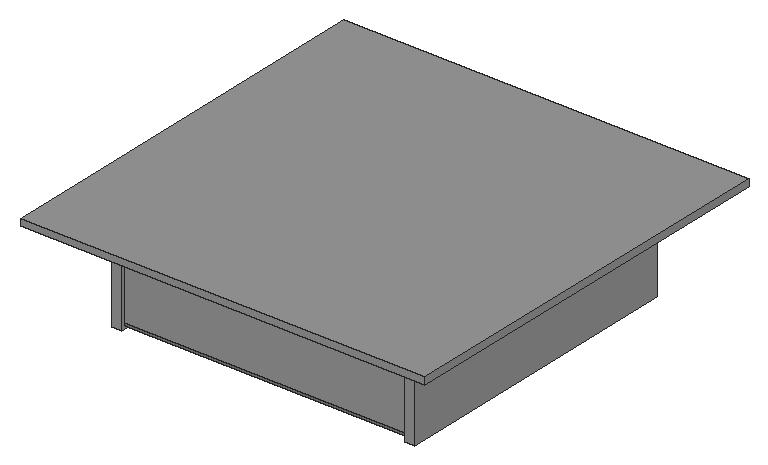
Revit family "Berica 2.0 M", category Lighting Fixtures, Revit 2020 (continued)
Definition of nested family "Light Source Berica 2.0"
  Types (4, lengths in mm): name | Photometric Web File | built-in parameter 1150142
    diffuse | "BERICA 2.0 D [3000K 8W 230Vac].IES" | "IESNA:LM-63-2002\r\n[TEST] 20201109-1427\r\n[TESTLAB] L&L\r\n[TESTDATE] 9 Nov 2020\r\n[ISSUEDATE] 9 Nov 2020\r\n[MANUFAC] L&L\r\n[LUMCAT] BERICA 2.0 D [3000K 8W 230Vac]\r\n[LUMINAIRE] BERICA 2.0 D [3000K 8W 230Vac]\r\n[FLASHAREA] 0.000363\r\n[LAMPCAT] Midpower LED\r\n[LAMP] Midpower LED\r\nTILT=NONE\r\n16 41.25 1.0 181 73 1 2 0.020 0.075 0.000\r\n1.00 1.00 8.00\r\n0.00 1.00 2.00 3.00 4.00 5.00 6.00 7.00 8.00 9.00 10.00 \r\n11.00 12.00 13.00 14.00 15.00 16.00 17.00 18.00 19.00 \r\n20.00 21.00 22.00 23.00 24.00 25.00 26.00 27.00 28.00 \r\n29.00 30.00 31.00 32.00 33.00 34.00 35.00 36.00 37.00 \r\n38.00 39.00 40.00 41.00 42.00 43.00 44.00 45.00 46.00 \r\n47.00 48.00 49.00 50.00 51.00 52.00 53.00 54.00 55.00 \r\n56.00 57.00 58.00 59.00 60.00 61.00 62.00 63.00 64.00 \r\n65.00 66.00 67.00 68.00 69.00 70.00 71.00 72.00 73.00 \r\n74.00 75.00 76.00 77.00 78.00 79.00 80.00 81.00 82.00 \r\n83.00 84.00 85.00 86.00 87.00 88.00 89.00 90.00 91.00 \r\n92.00 93.00 94.00 95.00 96.00 97.00 98.00 99.00 100.00 \r\n101.00 102.00 103.00 104.00 105.00 106.00 107.00 108.00 \r\n109.00 110.00 111.00 112.00 113.00 114.00 115.00 116.00 \r\n117.00 118.00 119.00 120.00 121.00 122.00 123.00 124.00 \r\n125.00 126.00 127.00 128.00 129.00 130.00 131.00 132.00 \r\n133.00 134.00 135.00 136.00 137.00 138.00 139.00 140.00 \r\n141.00 142.00 143.00 144.00 145.00 146.00 147.00 148.00 \r\n149.00 150.00 151.00 152.00 153.00 154.00 155.00 156.00 \r\n157.00 158.00 159.00 160.00 161.00 162.00 163.00 164.00 \r\n165.00 166.00 167.00 168.00 169.00 170.00 171.00 172.00 \r\n173.00 174.00 175.00 176.00 177.00 178.00 179.00 180.00 \r\n0.00 5.00 10.00 15.00 20.00 25.00 30.00 35.00 40.00 45.00 \r\n50.00 55.00 60.00 65.00 70.00 75.00 80.00 85.00 90.00 \r\n95.00 100.00 105.00 110.00 115.00 120.00 125.00 130.00 \r\n135.00 140.00 145.00 150.00 155.00 160.00 165.00 170.00 \r\n175.00 180.00 185.00 190.00 195.00 200.00 205.00 210.00 \r\n215.00 220.00 225.00 230.00 235.00 240.00 245.00 250.00 \r\n255.00 260.00 265.00 270.00 275.00 280.00 285.00 290.00 \r\n295.00 300.00 305.00 310.00 315.00 320.00 325.00 330.00 \r\n335.00 340.00 345.00 350.00 355.00 360.00 \r\n116.69 116.69 116.73 116.65 116.53 116.31 116.02 115.68 \r\n115.39 115.13 114.82 114.43 114.05 113.55 113.00 112.45 \r\n111.98 111.38 110.74 110.03 109.15 108.27 107.39 106.63 \r\n105.60 104.64 103.50 102.38 101.19 99.98 98.78 97.44 \r\n96.08 94.67 93.38 91.80 90.25 88.56 86.85 85.06 83.34 \r\n81.37 79.59 77.55 75.54 73.33 71.26 69.10 66.87 64.69 \r\n62.41 60.11 57.62 55.31 52.93 50.84 48.40 46.14 43.94 \r\n41.75 39.51 37.39 35.27 33.32 31.17 29.44 27.70 25.86 \r\n24.16 22.45 20.82 19.26 17.79 16.32 15.08 13.67 12.46 \r\n11.15 10.09 8.85 7.88 6.82 5.91 4.97 4.09 3.26 2.46 1.71 \r\n1.08 0.60 0.46 0.60 1.08 1.71 2.46 3.26 4.09 4.97 5.91 \r\n6.82 7.88 8.85 10.09 11.15 12.46 13.67 15.08 16.32 17.79 \r\n19.26 20.82 22.45 24.16 25.86 27.70 29.44 31.17 33.32 \r\n35.27 37.39 39.51 41.75 43.94 46.14 48.40 50.84 52.93 \r\n55.31 57.62 60.11 62.41 64.69 66.87 69.10 71.26 73.33 \r\n75.54 77.55 79.59 81.37 83.34 85.06 86.85 88.56 90.25 \r\n91.80 93.38 94.67 96.08 97.44 98.78 99.98 101.19 102.38 \r\n103.50 104.64 105.60 106.63 107.39 108.27 109.15 110.03 \r\n110.74 111.38 111.98 112.45 113.00 113.55 114.05 114.43 \r\n114.82 115.13 115.39 115.68 116.02 116.31 116.53 116.65 \r\n116.73 116.69 116.69 \r\n116.69 116.66 116.67 116.58 116.39 116.20 115.88 115.61 \r\n115.32 115.03 114.72 114.36 113.94 113.44 113.01 112.46 \r\n111.93 111.35 110.73 109.99 109.18 108.38 107.61 106.70 \r\n105.74 104.75 103.71 102.69 101.42 100.23 99.17 97.92 \r\n96.61 95.33 93.94 92.50 91.00 89.41 87.85 86.00 84.34 \r\n82.67 80.79 78.86 76.99 74.79 72.89 70.75 68.72 66.50 \r\n64.25 61.99 59.94 57.56 55.48 53.20 50.95 48.87 46.48 \r\n44.52 42.41 40.28 38.19 36.31 34.18 32.53 30.54 28.86 \r\n27.07 25.33 23.76 22.25 20.75 19.32 17.95 16.53 15.29 \r\n13.89 12.75 11.60 10.51 9.38 8.41 7.40 6.51 5.59 4.72 \r\n3.94 3.22 2.73 2.56 2.73 3.22 3.94 4.72 5.59 6.51 7.40 \r\n8.41 9.38 10.51 11.60 12.75 13.89 15.29 16.53 17.95 19.32 \r\n20.75 22.25 23.76 25.33 27.07 28.86 30.54 32.53 34.18 \r\n36.31 38.19 40.28 42.41 44.52 46.48 48.87 50.95 53.20 \r\n55.48 57.56 59.94 61.99 64.25 66.50 68.72 70.75 72.89 \r\n74.79 76.99 78.86 80.79 82.67 84.34 86.00 87.85 89.41 \r\n91.00 92.50 93.94 95.33 96.61 97.92 99.17 100.23 101.42 \r\n102.69 103.71 104.75 105.74 106.70 107.61 108.38 109.18 \r\n109.99 110.73 111.35 111.93 112.46 113.01 113.44 113.94 \r\n114.36 114.72 115.03 115.32 115.61 115.88 116.20 116.39 \r\n116.58 116.67 116.66 116.69 \r\n116.69 116.66 116.67 116.64 116.48 116.23 115.94 115.67 \r\n115.40 115.14 114.89 114.58 114.14 113.78 113.28 112.79 \r\n112.23 111.74 111.14 110.51 109.78 109.08 108.32 107.50 \r\n106.67 105.77 104.81 103.71 102.76 101.53 100.66 99.46 \r\n98.31 97.11 95.83 94.45 93.18 91.80 90.23 88.72 86.98 \r\n85.56 83.71 82.03 80.19 78.39 76.56 74.84 72.70 70.91 \r\n68.78 66.76 64.74 62.66 60.62 58.59 56.56 54.33 52.26 \r\n50.11 48.19 45.90 43.96 41.89 39.93 37.99 36.25 34.27 \r\n32.46 30.60 28.84 27.26 25.54 24.10 22.52 21.00 19.49 \r\n18.15 16.69 15.50 14.06 13.01 11.89 10.87 9.87 8.98 8.09 \r\n7.29 6.60 6.10 5.98 6.10 6.60 7.29 8.09 8.98 9.87 10.87 \r\n11.89 13.01 14.06 15.50 16.69 18.15 19.49 21.00 22.52 \r\n24.10 25.54 27.26 28.84 30.60 32.46 34.27 36.25 37.99 \r\n39.93 41.89 43.96 45.90 48.19 50.11 52.26 54.33 56.56 \r\n58.59 60.62 62.66 64.74 66.76 68.78 70.91 72.70 74.84 \r\n76.56 78.39 80.19 82.03 83.71 85.56 86.98 88.72 90.23 \r\n91.80 93.18 94.45 95.83 97.11 98.31 99.46 100.66 101.53 \r\n102.76 103.71 104.81 105.77 106.67 107.50 108.32 109.08 \r\n109.78 110.51 111.14 111.74 112.23 112.79 113.28 113.78 \r\n114.14 114.58 114.89 115.14 115.40 115.67 115.94 116.23 \r\n116.48 116.64 116.67 116.66 116.69 \r\n116.69 116.65 116.64 116.56 116.47 116.21 115.95 115.75 \r\n115.52 115.33 115.05 114.83 114.52 114.16 113.67 113.29 \r\n112.91 112.45 111.98 111.42 110.84 110.12 109.43 108.73 \r\n107.98 107.18 106.36 105.50 104.50 103.53 102.78 101.87 \r\n100.88 99.79 98.73 97.75 96.53 95.42 94.14 92.87 91.55 \r\n90.14 88.72 87.37 85.91 84.40 83.03 81.28 79.82 78.07 \r\n76.35 74.53 72.79 70.81 69.01 66.97 65.10 63.05 61.00 \r\n58.85 56.75 54.69 52.47 50.21 47.97 45.84 43.71 41.62 \r\n39.53 37.45 35.32 33.35 31.45 29.48 27.61 25.75 24.11 \r\n22.33 20.83 19.29 18.00 16.71 15.53 14.47 13.51 12.56 \r\n11.81 11.04 10.42 10.03 9.85 10.03 10.42 11.04 11.81 \r\n12.56 13.51 14.47 15.53 16.71 18.00 19.29 20.83 22.33 \r\n24.11 25.75 27.61 29.48 31.45 33.35 35.32 37.45 39.53 \r\n41.62 43.71 45.84 47.97 50.21 52.47 54.69 56.75 58.85 \r\n61.00 63.05 65.10 66.97 69.01 70.81 72.79 74.53 76.35 \r\n78.07 79.82 81.28 83.03 84.40 85.91 87.37 88.72 90.14 \r\n91.55 92.87 94.14 95.42 96.53 97.75 98.73 99.79 100.88 \r\n101.87 102.78 103.53 104.50 105.50 106.36 107.18 107.98 \r\n108.73 109.43 110.12 110.84 111.42 111.98 112.45 112.91 \r\n113.29 113.67 114.16 114.52 114.83 115.05 115.33 115.52 \r\n115.75 115.95 116.21 116.47 116.56 116.64 116.65 116.69 \r\n116.69 116.66 116.70 116.67 116.53 116.33 116.12 115.97 \r\n115.82 115.69 115.49 115.31 115.06 114.76 114.42 114.07 \r\n113.80 113.46 113.03 112.59 112.06 111.48 110.97 110.35 \r\n109.78 109.24 108.56 107.95 107.15 106.45 106.00 105.20 \r\n104.51 103.72 102.96 102.20 101.39 100.52 99.67 98.69 \r\n97.77 96.80 95.79 94.82 93.84 92.67 91.59 90.36 89.06 \r\n87.70 86.18 84.74 83.05 81.25 79.41 77.49 75.42 73.45 \r\n71.13 68.91 66.48 63.92 61.53 58.94 56.38 53.86 51.19 \r\n48.71 46.15 43.52 41.05 38.55 36.27 34.06 31.87 29.86 \r\n27.94 26.00 24.38 22.76 21.40 20.10 19.03 18.05 17.19 \r\n16.35 15.57 14.95 14.39 13.99 13.88 13.99 14.39 14.95 \r\n15.57 16.35 17.19 18.05 19.03 20.10 21.40 22.76 24.38 \r\n26.00 27.94 29.86 31.87 34.06 36.27 38.55 41.05 43.52 \r\n46.15 48.71 51.19 53.86 56.38 58.94 61.53 63.92 66.48 \r\n68.91 71.13 73.45 75.42 77.49 79.41 81.25 83.05 84.74 \r\n86.18 87.70 89.06 90.36 91.59 92.67 93.84 94.82 95.79 \r\n96.80 97.77 98.69 99.67 100.52 101.39 102.20 102.96 \r\n103.72 104.51 105.20 106.00 106.45 107.15 107.95 108.56 \r\n109.24 109.78 110.35 110.97 111.48 112.06 112.59 113.03 \r\n113.46 113.80 114.07 114.42 114.76 115.06 115.31 115.49 \r\n115.69 115.82 115.97 116.12 116.33 116.53 116.67 116.70 \r\n116.66 116.69 \r\n116.69 116.65 116.63 116.60 116.50 116.38 116.22 116.12 \r\n115.99 115.95 115.88 115.73 115.54 115.34 115.07 114.89 \r\n114.73 114.46 114.19 113.88 113.51 113.19 112.88 112.51 \r\n112.15 111.75 111.33 110.97 110.50 110.05 109.93 109.52 \r\n109.11 108.73 108.27 107.86 107.41 106.98 106.51 106.00 \r\n105.56 104.99 104.38 103.74 102.97 102.23 101.45 100.50 \r\n99.42 98.16 96.75 95.22 93.56 91.69 89.86 87.55 85.28 \r\n82.73 80.13 77.50 74.44 71.51 68.47 65.24 62.30 59.42 \r\n56.20 53.21 50.21 47.49 44.55 42.01 39.38 37.07 34.78 \r\n32.68 30.77 28.87 27.21 25.94 24.64 23.47 22.50 21.59 \r\n20.92 20.13 19.46 18.85 18.35 17.95 17.80 17.95 18.35 \r\n18.85 19.46 20.13 20.92 21.59 22.50 23.47 24.64 25.94 \r\n27.21 28.87 30.77 32.68 34.78 37.07 39.38 42.01 44.55 \r\n47.49 50.21 53.21 56.20 59.42 62.30 65.24 68.47 71.51 \r\n74.44 77.50 80.13 82.73 85.28 87.55 89.86 91.69 93.56 \r\n95.22 96.75 98.16 99.42 100.50 101.45 102.23 102.97 \r\n103.74 104.38 104.99 105.56 106.00 106.51 106.98 107.41 \r\n107.86 108.27 108.73 109.11 109.52 109.93 110.05 110.50 \r\n110.97 111.33 111.75 112.15 112.51 112.88 113.19 113.51 \r\n113.88 114.19 114.46 114.73 114.89 115.07 115.34 115.54 \r\n115.73 115.88 115.95 115.99 116.12 116.22 116.38 116.50 \r\n116.60 116.63 116.65 116.69 \r\n116.69 116.70 116.70 116.68 116.64 116.53 116.44 116.40 \r\n116.41 116.38 116.35 116.27 116.20 116.10 115.99 115.94 \r\n115.85 115.72 115.63 115.47 115.36 115.24 115.15 114.97 \r\n114.81 114.74 114.70 114.69 114.62 114.55 114.78 114.73 \r\n114.67 114.66 114.66 114.55 114.46 114.34 114.23 114.07 \r\n113.85 113.62 113.35 112.94 112.41 111.80 111.05 110.13 \r\n109.00 107.86 106.29 104.60 102.55 100.43 97.90 95.03 \r\n92.20 89.24 85.87 82.40 78.98 75.49 72.03 68.54 64.98 \r\n61.53 58.31 54.99 52.05 49.04 46.25 43.52 41.14 38.61 \r\n36.49 34.74 33.01 31.39 30.04 28.76 27.71 26.72 25.89 \r\n25.10 24.38 23.77 23.12 22.62 22.08 21.70 21.50 21.70 \r\n22.08 22.62 23.12 23.77 24.38 25.10 25.89 26.72 27.71 \r\n28.76 30.04 31.39 33.01 34.74 36.49 38.61 41.14 43.52 \r\n46.25 49.04 52.05 54.99 58.31 61.53 64.98 68.54 72.03 \r\n75.49 78.98 82.40 85.87 89.24 92.20 95.03 97.90 100.43 \r\n102.55 104.60 106.29 107.86 109.00 110.13 111.05 111.80 \r\n112.41 112.94 113.35 113.62 113.85 114.07 114.23 114.34 \r\n114.46 114.55 114.66 114.66 114.67 114.73 114.78 114.55 \r\n114.62 114.69 114.70 114.74 114.81 114.97 115.15 115.24 \r\n115.36 115.47 115.63 115.72 115.85 115.94 115.99 116.10 \r\n116.20 116.27 116.35 116.38 116.41 116.40 116.44 116.53 \r\n116.64 116.68 116.70 116.70 116.69 \r\n116.69 116.67 116.64 116.65 116.64 116.60 116.58 116.63 \r\n116.62 116.66 116.70 116.75 116.83 116.83 116.89 116.98 \r\n117.06 117.12 117.14 117.17 117.23 117.41 117.60 117.73 \r\n117.91 118.11 118.32 118.65 118.92 119.24 119.93 120.24 \r\n120.53 120.82 121.10 121.34 121.59 121.72 121.87 121.92 \r\n121.89 121.81 121.63 121.39 120.86 120.19 119.30 118.29 \r\n116.98 115.36 113.36 111.18 108.69 105.63 102.81 99.08 \r\n95.70 91.84 88.06 84.03 80.27 76.47 72.47 68.55 65.03 \r\n61.67 58.12 55.10 52.01 49.28 46.39 44.08 41.68 39.84 \r\n38.09 36.49 35.04 33.69 32.48 31.46 30.51 29.73 29.07 \r\n28.39 27.80 27.13 26.60 26.09 25.54 25.18 25.03 25.18 \r\n25.54 26.09 26.60 27.13 27.80 28.39 29.07 29.73 30.51 \r\n31.46 32.48 33.69 35.04 36.49 38.09 39.84 41.68 44.08 \r\n46.39 49.28 52.01 55.10 58.12 61.67 65.03 68.55 72.47 \r\n76.47 80.27 84.03 88.06 91.84 95.70 99.08 102.81 105.63 \r\n108.69 111.18 113.36 115.36 116.98 118.29 119.30 120.19 \r\n120.86 121.39 121.63 121.81 121.89 121.92 121.87 121.72 \r\n121.59 121.34 121.10 120.82 120.53 120.24 119.93 119.24 \r\n118.92 118.65 118.32 118.11 117.91 117.73 117.60 117.41 \r\n117.23 117.17 117.14 117.12 117.06 116.98 116.89 116.83 \r\n116.83 116.75 116.70 116.66 116.62 116.63 116.58 116.60 \r\n116.64 116.65 116.64 116.67 116.69 \r\n116.69 116.67 116.68 116.75 116.78 116.79 116.85 116.91 \r\n116.98 117.03 117.19 117.33 117.53 117.71 117.93 118.17 \r\n118.36 118.66 118.91 119.15 119.52 119.90 120.35 120.81 \r\n121.34 121.83 122.41 122.91 123.57 124.18 125.24 125.86 \r\n126.49 126.95 127.42 127.86 128.31 128.69 128.98 129.15 \r\n129.15 129.07 128.82 128.38 127.71 126.75 125.54 124.03 \r\n122.19 119.89 117.43 114.68 111.18 107.75 103.52 99.89 \r\n95.47 91.47 87.28 83.13 78.71 74.85 70.81 66.99 63.64 \r\n60.09 57.09 54.02 51.36 48.58 46.47 44.30 42.69 40.91 \r\n39.45 38.09 36.90 35.80 34.83 34.00 33.22 32.45 31.85 \r\n31.35 30.78 30.30 29.73 29.25 28.75 28.36 28.25 28.36 \r\n28.75 29.25 29.73 30.30 30.78 31.35 31.85 32.45 33.22 \r\n34.00 34.83 35.80 36.90 38.09 39.45 40.91 42.69 44.30 \r\n46.47 48.58 51.36 54.02 57.09 60.09 63.64 66.99 70.81 \r\n74.85 78.71 83.13 87.28 91.47 95.47 99.89 103.52 107.75 \r\n111.18 114.68 117.43 119.89 122.19 124.03 125.54 126.75 \r\n127.71 128.38 128.82 129.07 129.15 129.15 128.98 128.69 \r\n128.31 127.86 127.42 126.95 126.49 125.86 125.24 124.18 \r\n123.57 122.91 122.41 121.83 121.34 120.81 120.35 119.90 \r\n119.52 119.15 118.91 118.66 118.36 118.17 117.93 117.71 \r\n117.53 117.33 117.19 117.03 116.98 116.91 116.85 116.79 \r\n116.78 116.75 116.68 116.67 116.69 \r\n116.69 116.61 116.66 116.74 116.79 116.85 116.97 117.12 \r\n117.19 117.36 117.60 117.87 118.11 118.42 118.82 119.22 \r\n119.73 120.16 120.62 121.18 121.79 122.42 123.10 123.82 \r\n124.68 125.47 126.29 127.15 127.99 128.80 130.04 130.85 \r\n131.67 132.42 133.07 133.74 134.30 134.72 135.01 135.15 \r\n135.12 134.83 134.28 133.54 132.48 130.93 129.24 127.25 \r\n124.55 121.75 118.47 114.74 110.68 106.48 102.17 97.92 \r\n93.21 88.84 84.54 80.26 76.00 71.90 68.06 64.70 61.28 \r\n58.24 55.27 52.70 50.44 48.31 46.44 44.87 43.33 41.90 \r\n40.70 39.54 38.62 37.70 36.93 36.30 35.63 35.05 34.56 \r\n34.01 33.55 33.05 32.54 32.06 31.57 31.22 31.04 31.22 \r\n31.57 32.06 32.54 33.05 33.55 34.01 34.56 35.05 35.63 \r\n36.30 36.93 37.70 38.62 39.54 40.70 41.90 43.33 44.87 \r\n46.44 48.31 50.44 52.70 55.27 58.24 61.28 64.70 68.06 \r\n71.90 76.00 80.26 84.54 88.84 93.21 97.92 102.17 106.48 \r\n110.68 114.74 118.47 121.75 124.55 127.25 129.24 130.93 \r\n132.48 133.54 134.28 134.83 135.12 135.15 135.01 134.72 \r\n134.30 133.74 133.07 132.42 131.67 130.85 130.04 128.80 \r\n127.99 127.15 126.29 125.47 124.68 123.82 123.10 122.42 \r\n121.79 121.18 120.62 120.16 119.73 119.22 118.82 118.42 \r\n118.11 117.87 117.60 117.36 117.19 117.12 116.97 116.85 \r\n116.79 116.74 116.66 116.61 116.69 \r\n116.69 116.64 116.69 116.83 116.95 117.11 117.26 117.43 \r\n117.59 117.84 118.19 118.56 118.87 119.31 119.85 120.49 \r\n121.15 121.83 122.64 123.35 124.26 125.05 126.03 127.08 \r\n128.13 129.11 130.19 131.22 132.29 133.34 134.70 135.60 \r\n136.44 137.31 138.07 138.71 139.22 139.65 139.89 139.87 \r\n139.63 139.01 138.13 136.94 135.18 133.04 130.63 127.86 \r\n124.56 121.39 117.20 113.02 108.41 103.79 98.77 94.50 \r\n89.62 85.41 80.89 76.73 72.69 68.87 65.42 62.04 59.07 \r\n56.36 53.75 51.79 49.95 48.29 46.75 45.23 44.00 42.87 \r\n41.90 40.94 40.20 39.51 38.85 38.26 37.81 37.30 36.89 \r\n36.42 35.95 35.50 34.99 34.56 34.14 33.76 33.59 33.76 \r\n34.14 34.56 34.99 35.50 35.95 36.42 36.89 37.30 37.81 \r\n38.26 38.85 39.51 40.20 40.94 41.90 42.87 44.00 45.23 \r\n46.75 48.29 49.95 51.79 53.75 56.36 59.07 62.04 65.42 \r\n68.87 72.69 76.73 80.89 85.41 89.62 94.50 98.77 103.79 \r\n108.41 113.02 117.20 121.39 124.56 127.86 130.63 133.04 \r\n135.18 136.94 138.13 139.01 139.63 139.87 139.89 139.65 \r\n139.22 138.71 138.07 137.31 136.44 135.60 134.70 133.34 \r\n132.29 131.22 130.19 129.11 128.13 127.08 126.03 125.05 \r\n124.26 123.35 122.64 121.83 121.15 120.49 119.85 119.31 \r\n118.87 118.56 118.19 117.84 117.59 117.43 117.26 117.11 \r\n116.95 116.83 116.69 116.64 116.69 \r\n116.69 116.65 116.72 116.84 117.00 117.21 117.44 117.62 \r\n117.91 118.22 118.61 119.07 119.55 120.12 120.80 121.60 \r\n122.43 123.33 124.27 125.40 126.44 127.59 128.69 129.94 \r\n131.17 132.39 133.66 134.92 136.12 137.18 138.68 139.75 \r\n140.68 141.51 142.25 142.81 143.25 143.43 143.44 143.19 \r\n142.55 141.58 140.11 138.39 136.23 133.59 130.59 127.27 \r\n123.62 119.42 115.04 110.16 105.27 100.36 95.60 90.65 \r\n86.27 81.84 77.48 73.36 69.78 66.15 62.98 60.04 57.27 \r\n55.07 53.11 51.43 49.76 48.34 47.04 45.93 44.86 43.93 \r\n4
